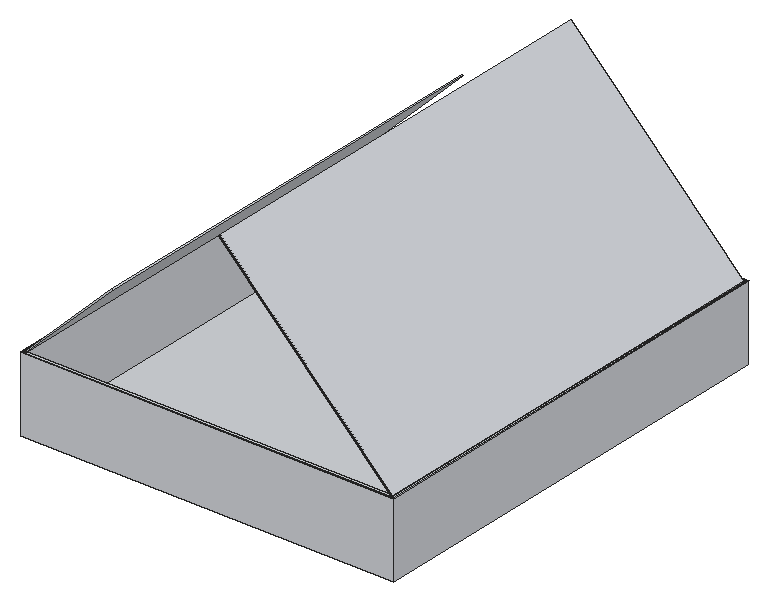
Revit family "Univers-IP44-leer-Unterputz-AT-de", category Electrical Equipment, host Face, Revit 2020
Family settings
  Host = Face
  Panel Configuration = Two Columns, Circuits Across
  Round Connector Dimension = Use Diameter
  Part Type = Panelboard
  Cut with Voids When Loaded = No
  Shared = No
  Room Calculation Point = No
Parameters (values of type "Unterputz IP44 B800 H950 T161 0 Teilungseinheiten - FWB63D")
  Width Control [instance] = if([HG000006 - Unterputz], if([EF000846 - Einbaubreite] > min_whd, [EF000846 - Einbaubreite], min_whd), if([EF000008 - Breite] > min_whd, ([EF000008 - Breite]), min_whd))  # 800 mm
  Void Depth [instance] = if([HG000006 - Unterputz], Depth Control, 1 mm)  # 161 mm
  Type Comments = [HG000003 - Bereich]  # "Univers"
  System Height [instance] = Height Control - 2 * [HG000005 - Dicke]  # 944 mm
  Model = [HG000004 - Herstellerreferenz]  # "FWB63D"
  HG000011 - Leere Reihen von unten = no
  HG000010 - Asymmetrische Türen = yes
  HG000009 - Doppelflügeligen Tür = yes
  HG000008 - Anzahl der leeren Reihen = 0
  HG000007 - Anzahl der leeren Spalten = 0
  HG000006 - Unterputz = yes
  HG000005 - Dicke = 3 mm  # constant formula
  HG000004 - Herstellerreferenz = "FWB63D"
  HG000003 - Bereich = "Univers"
  HG000002 - Mit tür = yes
  HG000001 - Anzahl der Spalten = 0
  EF015941 - Signaldurchlassende Tür = no
  EF015777 - Neutralleiterklemmenblock = no
  EF015776 - Erdungsklemmenblock = no
  EF009212 - Ausführung Deckel = "EV000116 - geschlossen"
  EF006306 - Mit Schloss = no
  EF006244 - Transparenter Deckel/Tür = no
  EF005474 - Schutzart (IP) = "EV006418 - IP44"
  EF004462 - Art der Schließung = "EV000154 - sonstige"
  EF002950 - Breite in Teilungseinheiten = 0
  EF001596 - Werkstoff des Gehäuses = "EV000179 - Stahl"
  EF001134 - DIN-Schiene = no
  EF001131 - Innentiefe = 156 mm
  EF001088 - Anbaumöglichkeit = no
  EF001062 - EMV-Ausführung = no
  EF000846 - Einbaubreite = 800 mm
  EF000339 - Art der Abdeckung = "EV004216 - Tür"
  EF000332 - Einbauhöhe = 950 mm
  EF000266 - Anzahl der Reihen = 0
  EF000218 - Einbautiefe = 161 mm
  EF000118 - Mit Montageplatte = no
  EF000116 - RAL-Nummer = "9010"
  EF000049 - Tiefe = 161 mm
  EF000040 - Höhe = 950 mm
  EF000008 - Breite = 800 mm
  EF000007 - Farbe = "EV000202 - weiß"
  EF000003 - Montageart = "EV001247 - Aufputz/Unterputz"
  Arrow Offset [instance] = Depth Control / 8  # 20.125 mm
  Arrow Height [instance] = Depth Control - Arrow Offset  # 140.875 mm
  Host Offset [instance] = if([HG000006 - Unterputz], 0 mm, [EF000049 - Tiefe])  # 0 mm
  min_whd [instance] = (2 * [HG000005 - Dicke]) + 1 mm  # 7 mm
  Manufacturer = "Hager"  # constant formula
  Height Control [instance] = if([HG000006 - Unterputz], if([EF000332 - Einbauhöhe] > min_whd, [EF000332 - Einbauhöhe], min_whd), if([EF000040 - Höhe] > min_whd, ([EF000040 - Höhe]), min_whd))  # 950 mm
  Flush Mounted - Door Frame Width [instance] = if(([EF000040 - Höhe] - [EF000332 - Einbauhöhe]) > 0 mm, if([HG000006 - Unterputz], [EF000040 - Höhe] - [EF000332 - Einbauhöhe], 0 mm), 0 mm)  # 0 mm
  Tür rechts [instance] = yes
  Tür links [instance] = not(Tür rechts)  # no
  Türschwenkwinkel [instance] = 45.00°
  3D-Türsichtbarkeit [instance] = yes
  Depth Control [instance] = if([HG000006 - Unterputz], if([EF000218 - Einbautiefe] > 0 mm, [EF000218 - Einbautiefe], 1 mm), if([EF000049 - Tiefe] > 0 mm, ([EF000049 - Tiefe]), 1 mm))  # 161 mm
  Default Elevation = 0 mm
  Sichtbarkeit der Türöffnung [instance] = no
Types (21, lengths in mm): name | Width Control | Void Depth | System Height | Model | HG000010 - Asymmetrische Türen | HG000009 - Doppelflügeligen Tür | HG000004 - Herstellerreferenz | EF009212 - Ausführung Deckel | EF004462 - Art der Schließung | EF001131 - Innentiefe | EF000846 - Einbaubreite | EF000332 - Einbauhöhe | EF000218 - Einbautiefe | EF000049 - Tiefe | EF000040 - Höhe | EF000008 - Breite | Arrow Offset | Arrow Height | Height Control | Depth Control
  Unterputz IP44 B1050 H1100 T161 0 Teilungseinheiten - FWB74D | 1050 | 161 | 1094 | "FWB74D" | no | yes | "FWB74D" | "EV000116 - geschlossen" | "EV000154 - sonstige" | 160 | 1050 | 1100 | 161 | 161 | 1100 | 1050 | 20.125 | 140.875 | 1100 | 161
  Unterputz IP44 B1050 H500 T161 0 Teilungseinheiten - FWB34D | 1050 | 161 | 494 | "FWB34D" | no | yes | "FWB34D" | "EV000116 - geschlossen" | "EV000154 - sonstige" | 156 | 1050 | 500 | 161 | 161 | 500 | 1050 | 20.125 | 140.875 | 500 | 161
  Unterputz IP44 B1050 H650 T161 0 Teilungseinheiten - FWB44D | 1050 | 161 | 644 | "FWB44D" | no | yes | "FWB44D" | "EV000116 - geschlossen" | "EV000154 - sonstige" | 156 | 1050 | 650 | 161 | 161 | 650 | 1050 | 20.125 | 140.875 | 650 | 161
  Unterputz IP44 B1050 H800 T161 0 Teilungseinheiten - FWB54D | 1050 | 161 | 794 | "FWB54D" | no | yes | "FWB54D" | "EV000116 - geschlossen" | "EV000154 - sonstige" | 156 | 1050 | 800 | 161 | 161 | 800 | 1050 | 20.125 | 140.875 | 800 | 161
  Unterputz IP44 B1050 H950 T161 0 Teilungseinheiten - FWB64D | 1050 | 161 | 944 | "FWB64D" | no | yes | "FWB64D" | "EV000116 - geschlossen" | "EV000154 - sonstige" | 156 | 1050 | 950 | 161 | 161 | 950 | 1050 | 20.125 | 140.875 | 950 | 161
  Unterputz IP44 B300 H1100 T161 0 Teilungseinheiten - FWB71D | 300 | 161 | 1094 | "FWB71D" | no | no | "FWB71D" | "EV000116 - geschlossen" | "EV000154 - sonstige" | 160 | 300 | 1100 | 161 | 161 | 1100 | 300 | 20.125 | 140.875 | 1100 | 161
  Unterputz IP44 B300 H1250 T160 0 Teilungseinheiten - FWB81D | 300 | 160 | 1244 | "FWB81D" | no | no | "FWB81D" | "EV000116 - geschlossen" | "0" | 160 | 300 | 1250 | 160 | 160 | 1250 | 300 | 20 | 140 | 1250 | 160
  Unterputz IP44 B300 H500 T161 0 Teilungseinheiten - FWB31D | 300 | 161 | 494 | "FWB31D" | no | no | "FWB31D" | "EV000116 - geschlossen" | "EV000154 - sonstige" | 156 | 300 | 500 | 161 | 161 | 500 | 300 | 20.125 | 140.875 | 500 | 161
  Unterputz IP44 B300 H650 T161 0 Teilungseinheiten - FWB41D | 300 | 161 | 644 | "FWB41D" | no | no | "FWB41D" | "EV000116 - geschlossen" | "EV000154 - sonstige" | 160 | 300 | 650 | 161 | 161 | 650 | 300 | 20.125 | 140.875 | 650 | 161
  Unterputz IP44 B300 H800 T161 0 Teilungseinheiten - FWB51D | 300 | 161 | 794 | "FWB51D" | no | no | "FWB51D" | "EV000116 - geschlossen" | "EV000154 - sonstige" | 160 | 300 | 800 | 161 | 161 | 800 | 300 | 20.125 | 140.875 | 800 | 161
  Unterputz IP44 B300 H950 T161 0 Teilungseinheiten - FWB61D | 300 | 161 | 944 | "FWB61D" | no | no | "FWB61D" | "EV000116 - geschlossen" | "EV000154 - sonstige" | 160 | 300 | 950 | 161 | 161 | 950 | 300 | 20.125 | 140.875 | 950 | 161
  Unterputz IP44 B550 H1100 T161 0 Teilungseinheiten - FWB72D | 550 | 161 | 1094 | "FWB72D" | no | no | "FWB72D" | "EV000116 - geschlossen" | "EV000154 - sonstige" | 160 | 550 | 1100 | 161 | 161 | 1100 | 550 | 20.125 | 140.875 | 1100 | 161
  Unterputz IP44 B550 H500 T161 0 Teilungseinheiten - FWB32D | 550 | 161 | 494 | "FWB32D" | no | no | "FWB32D" | "EV000116 - geschlossen" | "EV000154 - sonstige" | 156 | 550 | 500 | 161 | 161 | 500 | 550 | 20.125 | 140.875 | 500 | 161
  Unterputz IP44 B550 H650 T161 0 Teilungseinheiten - FWB42D | 550 | 161 | 644 | "FWB42D" | no | no | "FWB42D" | "EV000116 - geschlossen" | "EV000154 - sonstige" | 160 | 550 | 650 | 161 | 161 | 650 | 550 | 20.125 | 140.875 | 650 | 161
  Unterputz IP44 B550 H800 T161 0 Teilungseinheiten - FWB52D | 550 | 161 | 794 | "FWB52D" | no | no | "FWB52D" | "EV000116 - geschlossen" | "EV000154 - sonstige" | 160 | 550 | 800 | 161 | 161 | 800 | 550 | 20.125 | 140.875 | 800 | 161
  Unterputz IP44 B550 H950 T161 0 Teilungseinheiten - FWB62D | 550 | 161 | 944 | "FWB62D" | no | no | "FWB62D" | "EV000116 - geschlossen" | "EV000154 - sonstige" | 160 | 550 | 950 | 161 | 161 | 950 | 550 | 20.125 | 140.875 | 950 | 161
  Unterputz IP44 B800 H1100 T161 0 Teilungseinheiten - FWB73D | 800 | 161 | 1094 | "FWB73D" | yes | yes | "FWB73D" | "EV000116 - geschlossen" | "EV000154 - sonstige" | 156 | 800 | 1100 | 161 | 161 | 1100 | 800 | 20.125 | 140.875 | 1100 | 161
  Unterputz IP44 B800 H500 T161 0 Teilungseinheiten - FWB33D | 800 | 161 | 494 | "FWB33D" | yes | yes | "FWB33D" | "EV000116 - geschlossen" | "EV000154 - sonstige" | 160 | 800 | 500 | 161 | 161 | 500 | 800 | 20.125 | 140.875 | 500 | 161
  Unterputz IP44 B800 H650 T161 0 Teilungseinheiten - FWB43D | 800 | 161 | 644 | "FWB43D" | yes | yes | "FWB43D" | "EV009916 - mit Ausschnitt" | "EV000154 - sonstige" | 160 | 800 | 650 | 161 | 161 | 650 | 800 | 20.125 | 140.875 | 650 | 161
  Unterputz IP44 B800 H800 T161 0 Teilungseinheiten - FWB53D | 800 | 161 | 794 | "FWB53D" | yes | yes | "FWB53D" | "EV000116 - geschlossen" | "EV000154 - sonstige" | 160 | 800 | 800 | 161 | 161 | 800 | 800 | 20.125 | 140.875 | 800 | 161
  Unterputz IP44 B800 H950 T161 0 Teilungseinheiten - FWB63D | 800 | 161 | 944 | "FWB63D" | yes | yes | "FWB63D" | "EV000116 - geschlossen" | "EV000154 - sonstige" | 156 | 800 | 950 | 161 | 161 | 950 | 800 | 20.125 | 140.875 | 950 | 161
Reference planes
  plane 1 "Center (Front/Back)": y = 0
  plane 2: z = 0
  plane 3 "Center (Left/Right)": x = 0
  plane 4: z = 0
  plane 5: y = 3
  plane 6: z = -5
  plane 7: y = 475
  plane 8: y = 0
  plane 9: y = 950
  plane 10: z = -161
  plane 11: x = -400
  plane 12: x = 400
  plane 13: x = 397
  plane 14: x = -397
  plane 15: y = 947
  plane 16: z = -158
  plane 17: z = -3
  plane 18: z = -161
  plane 19: z = -3
Forms (mm)
  Extrusion 1, solid
    sketch origin (-583.045, 0, 1219.2) x (-1, 0, 0) y (0, 0, 1)
      loop
        line (-183.045, -1219.2) -> (-983.045, -1219.2) -> (-983.045, -1380.2) -> (-183.045, -1380.2) -> (-183.045, -1219.2)
    from 0 to 950 <- "Height Control"
  Extrusion 2, void
    sketch origin (-381.607, -4572, 0) x (0, -1, 0) y (-1, 0, 0)
      loop
        line (-5519, 15.393) -> (-5519, -778.607) -> (-4575, -778.607) -> (-4575, 15.393) -> (-5519, 15.393)
    from 0 to 158
  Extrusion 3, void
    sketch origin (0, 0, 0) x (1, 0, 0) y (0, 1, 0)
      loop
        line (-400, 0) -> (400, 0) -> (400, 950) -> (-400, 950) -> (-400, 0)
    from -161 to 1
  Extrusion 4, solid, detail levels coarse
    sketch origin (-381.607, -4572, 0) x (-1, 0, 0) y (0, -1, 0)
      loop
        line (15.393, -5519) -> (15.393, -4575) -> (-778.607, -4575) -> (-778.607, -5519) -> (15.393, -5519)
    from 0 to -3
Cuts and joins
  Extrusion 2 cuts Extrusion 1
Dimensions and locks
  plane 4 to plane 6 = 5 mm
  "Host Offset": plane 4 to host face
  "Flush Mounted - Door Frame Width": plane 1 "Center (Front/Back)" to plane 8
  "HG000005 - Dicke": plane 5 to plane 8
  locked: connector elem to plane 3 "Center (Left/Right)"
  "Height Control": plane 9 to plane 8
  equal spacing: plane 9, plane 7, plane 8
  locked: connector elem to plane 7
  "Depth Control": plane 4 to plane 10
  "HG000005 - Dicke": plane 11 to plane 14
  "HG000005 - Dicke": plane 12 to plane 13
  equal spacing: plane 11, plane 3 "Center (Left/Right)", plane 12
  "Width Control": plane 11 to plane 12
  "Arrow Offset": nested 4 to plane 10
  "HG000005 - Dicke": plane 9 to plane 15
  "HG000005 - Dicke": plane 16 to plane 10
  "HG000005 - Dicke": plane 4 to plane 17
  "Void Depth": plane 2 to plane 18
  "HG000005 - Dicke": plane 4 to plane 19
  aligned and locked: plane 2 to host face
  aligned and locked: level to host face
  aligned and locked: plane 3 "Center (Left/Right)" to nested 2
  aligned and locked: nested 2 to plane 4
  aligned and locked: nested 2 to plane 8
  aligned and locked: nested 1 to plane 6
  aligned and locked: nested 1 to plane 5
  aligned and locked: nested 4 to plane 11
  aligned and locked: nested 3 to plane 4
  aligned and locked: Extrusion 1 sketch curve to plane 12
  aligned and locked: Extrusion 1 sketch curve to plane 11
  aligned and locked: nested 3 to plane 10
  aligned and locked: plane 10 to Extrusion 1 sketch curve
  aligned and locked: Extrusion 2 sketch curve to plane 5
  aligned and locked: Extrusion 2 sketch curve to plane 15
  aligned and locked: Extrusion 2 sketch curve to plane 14
  aligned and locked: Extrusion 2 sketch curve to plane 13
  aligned and locked: plane 11 to Extrusion 3 sketch curve
  aligned and locked: plane 9 to Extrusion 3 sketch curve
  aligned and locked: Extrusion 3 sketch curve to plane 8
  aligned and locked: plane 12 to Extrusion 3 sketch curve
  aligned and locked: nested 3 to plane 12
  aligned and locked: Extrusion 3 to plane 18
  aligned and locked: Extrusion 2 to plane 16
  aligned and locked: Extrusion 1 sketch curve to plane 4
  aligned and locked: Extrusion 4 to plane 17
  aligned and locked: Extrusion 4 sketch curve to plane 15
  aligned and locked: Extrusion 4 sketch curve to plane 13
  aligned and locked: Extrusion 4 sketch curve to plane 14
  aligned and locked: Extrusion 4 sketch curve to plane 5
Automatic sketch dimensions
  host sketch curve to host sketch curve = 1469.727 mm
  host sketch curve to host sketch curve = 1318.837 mm
Nested families
  nested 1: "Hager_Enclosure_System" at (0, 3, -5) x (1, 0, 0) z (0, 1, 0), Depth <- "HG000005 - Dicke", Height <- "System Height", Width <- "EF000008 - Breite", Border <- "HG000005 - Dicke", Flush_Mounted <- "HG000006 - Unterputz", Built-in_Width <- "EF000846 - Einbaubreite", Row_Module_Multiplicator <- "EF002950 - Breite in Teilungseinheiten", Total_No_Empty_Rows <- "HG000008 - Anzahl der leeren Reihen", Total_No_Rows <- "EF000266 - Anzahl der Reihen", Empty_Columns <- "HG000007 - Anzahl der leeren Spalten", No_Rows <- "EF000266 - Anzahl der Reihen", No_Columns <- "HG000001 - Anzahl der Spalten", Width_Control <- "Width Control", Empty_Rows_From_Bottom <- "HG000011 - Leere Reihen von unten", type "Hager_Enclosure_System", detail levels medium+fine
    with Width_Control 800 mm, Width 800 mm, Total_No_Rows 0, Total_No_Empty_Rows 0, Total_No_Columns 1, System_Width 794 mm, Rows_Column 0, Row_Module_Multiplicator 0, Panel_4 no, Panel_3 no, Panel_2 no, Panel_1 no, No_Rows 0, No_Panels_Ctrl 1, No_Columns 0, Hide_Columns yes, Height 944 mm, Flush_Mounted yes, Empty_Rows_From_Bottom no, Empty_Rows_Column 0, Empty_Columns 0, Depth 3 mm, Column_Width 794 mm, Built-in_Width 800 mm, Border 3 mm
  nested 2: "Hager_Enclosure_Door" at (0, 0, 0) x (1, 0, 0) z (0, 1, 0), Border <- "HG000005 - Dicke", Door_Right <- "Tür rechts", Flush_Mounted <- "HG000006 - Unterputz", Depth <- "EF000049 - Tiefe", Width <- "EF000008 - Breite", Door_Left <- "Tür links", 3d_Door <- "3D-Türsichtbarkeit", BuiltIn_Width <- "EF000846 - Einbaubreite", BuiltIn_Height <- "EF000332 - Einbauhöhe", BuiltIn_Depth <- "EF000218 - Einbautiefe", Angle <- "Türschwenkwinkel", Assymetrical <- "HG000010 - Asymmetrische Türen", Double <- "HG000009 - Doppelflügeligen Tür", Clearance <- "Sichtbarkeit der Türöffnung", Transparent <- "EF006244 - Transparenter Deckel/Tür", Door <- "HG000002 - Mit tür", Height_Ctrl <- "Height Control", Width_Ctrl <- "Width Control", Height <- "EF000040 - Höhe", type "Hager_Enclosure_Door", detail levels medium+fine
    with min_wh 7 mm, Width_Ctrl 800 mm, Width 800 mm, Transparent no, Leaf_Width 791 mm, Leaf_Tolerance 1.5 mm, Leaf_Height 941 mm, Leaf_2_Width 526.583 mm, Leaf_2_Offset 263.292 mm, Leaf_1_Width 262.917 mm, Leaf_1_Offset 131.458 mm, Height_Ctrl 950 mm, Height 950 mm, Frame_Width_Ctrl 1 mm, Frame_Width 0 mm, Frame_Internal_Offset 3 mm, Frame_Height_Ctrl 1 mm, Frame_Height 0 mm, Frame_Depth_Ctrl 1 mm, Frame_Depth 0 mm, Flush_Mounted yes, Double_Clearance_Ctrl no, Double yes, Door_Right_Ctrl yes, Door_Right yes, Door_Left_Ctrl yes, Door_Left no, Door yes, Depth 161 mm, Clearance_Depth 526.583 mm, Clearance_Ctrl no, Clearance no, BuiltIn_Width 800 mm, BuiltIn_Height 950 mm, BuiltIn_Depth 161 mm, Border 3 mm, Assymetrical yes, Angle 45.00°, 3d_Door yes
  nested 3: "Hager_Enclosure_Symbol_Triangle" at (-400, 0, -161) x (1, 0, 0) z (0, -1, 0), Depth <- "Depth Control", Width <- "Width Control", type "Hager_Enclosure_Symbol_Triangle"
    with Width_Ctrl 800 mm, Width 800 mm, Depth_Ctrl 161 mm, Depth 161 mm
  nested 4: "Hager_Enclosure_Symbol_Arrow" at (-400, 0, -140.875) x (1, 0, 0) z (0, -1, 0), Height <- "Arrow Height", type "Hager_Enclosure_Symbol_Arrow"
    with Width_Inside 10.566 mm, Width 126.788 mm, Height_Ctrl 140.875 mm, Height 140.875 mm
Connectors
  electrical at (0, 475, -161)
    settings: on plane 10, index 1, voltage 0 V, apparent load 0 VA, apparent load phase1 0 VA, apparent load phase2 0 VA, apparent load phase3 0 VA, power factor 1, load classification "Other", number of poles 1, system type 30, power factor state 1, is connector primary yes, connector utility no, sub classification motor no, connector description ""
Definition of nested family "Hager_Enclosure_Door"
  Parameters (values of type "Hager_Enclosure_Door")
    min_wh [instance] = (2 * Border) + 1 mm  # 11 mm
    Width_Ctrl [instance] = 400 mm
    Width [instance] = 500 mm
    Transparent [instance] = yes
    Leaf_Width [instance] = if((Width_Ctrl - 2 * Border - 2 * Leaf_Tolerance) > 0 mm, (Width_Ctrl - 2 * Border - 2 * Leaf_Tolerance), min_wh)  # 387 mm
    Leaf_Tolerance [instance] = 1.5 mm  # constant formula
    Leaf_Height [instance] = if((Height_Ctrl - 2 * Border - 2 * Leaf_Tolerance) > 0 mm, (Height_Ctrl - 2 * Border - 2 * Leaf_Tolerance), min_wh)  # 387 mm
    Leaf_2_Width [instance] = if(and(and(Double, Assymetrical), Door_Left), (Leaf_Width / 3) - (Leaf_Tolerance / 2), if(and(and(Double, Assymetrical), Door_Right), (Leaf_Width / 3) * 2 - (Leaf_Tolerance / 2), if(and(Double, not(Assymetrical)), (Leaf_Width / 2) - Leaf_Tolerance, Leaf_Width)))  # 192 mm
    Leaf_2_Offset [instance] = if(and(Double, Assymetrical), Leaf_2_Width / 2, if(and(Double, not(Assymetrical)), Leaf_Width / 4, Leaf_Width / 2))  # 96.75 mm
    Leaf_1_Width [instance] = if(and(and(Double, Assymetrical), Door_Right), (Leaf_Width / 3) - (Leaf_Tolerance / 2), if(and(and(Double, Assymetrical), Door_Left), (Width / 3) * 2 - (Leaf_Tolerance / 2), if(and(Double, not(Assymetrical)), (Leaf_Width / 2) - Leaf_Tolerance, Leaf_Width)))  # 192 mm
    Leaf_1_Offset [instance] = if(and(Double, Assymetrical), Leaf_1_Width / 2, if(and(Double, not(Assymetrical)), Leaf_Width / 4, Leaf_Width / 2))  # 96.75 mm
    Height_Ctrl [instance] = 400 mm
    Height [instance] = 500 mm
    Frame_Width_Ctrl [instance] = if(Frame_Width > 0 mm, Frame_Width, 1 mm)  # 1 mm
    Frame_Width [instance] = Width - BuiltIn_Width  # 0 mm
    Frame_Internal_Offset [instance] = if(Flush_Mounted, Border, 0 mm)  # 0 mm
    Frame_Height_Ctrl [instance] = if(Frame_Height > 0 mm, Frame_Height, 1 mm)  # 1 mm
    Frame_Height [instance] = Height - BuiltIn_Height  # 0 mm
    Frame_Depth_Ctrl [instance] = if(Frame_Depth > 0 mm, Frame_Depth, 1 mm)  # 1 mm
    Frame_Depth [instance] = if(Depth - BuiltIn_Depth > 0 mm, if(Flush_Mounted, Depth - BuiltIn_Depth, 0 mm), 0 mm)  # 0 mm
    Flush_Mounted [instance] = no
    Double_Clearance_Ctrl [instance] = and(Double, Clearance)  # yes
    Double [instance] = yes
    Door_Right_Ctrl [instance] = and(or(Door_Right, Double), Door)  # yes
    Door_Right [instance] = yes
    Door_Left_Ctrl [instance] = and(or(Door_Left, Double), Door)  # yes
    Door_Left [instance] = no
    Door [instance] = yes
    Depth [instance] = 500 mm
    Default Elevation = 1219.2 mm
    Clearance_Material = none
    Clearance_Depth [instance] = if(Leaf_1_Width > Leaf_2_Width, Leaf_1_Width, Leaf_2_Width)  # 192 mm
    Clearance_Ctrl [instance] = and(not(Double), Clearance)  # no
    Clearance [instance] = yes
    BuiltIn_Width [instance] = 500 mm
    BuiltIn_Height [instance] = 500 mm
    BuiltIn_Depth [instance] = 500 mm
    Border [instance] = 5 mm
    Assymetrical [instance] = no
    Angle [instance] = 65.00°
    3d_Door [instance] = yes
  Reference planes
    plane 1 "Center (Front/Back)": y = 0
    plane 2 "Bottom": z = 0
    plane 3 "Center (Left/Right)": x = 0
    plane 4: z = 400
    plane 5: x = -200
    plane 6: x = 200
    plane 7: z = 395
    plane 8: x = -195
    plane 9: z = 5
    plane 10: x = 195
    plane 11: y = 0
    plane 12: z = 6.5
    plane 13: x = -387
    plane 14: y = -192
    plane 15: x = 387
    plane 16: x = -96.75
    plane 17: x = 96.75
    plane 18: x = -193.5
    plane 19: x = 193.5
    plane 20: z = 393.5
  Forms (mm)
    Extrusion 1, solid, visible <- "Flush_Mounted"
      sketch origin (0, 0, 0) x (1, 0, 0) y (0, 0, 1)
        loop
          line (200, 0) -> (200, 400) -> (-200, 400) -> (-200, 0) -> (200, 0)
        loop
          line (-201, 401) -> (-201, -1) -> (201, -1) -> (201, 401) -> (-201, 401)
      from 0 to 1 <- "Frame_Depth_Ctrl"
    Extrusion 2, solid, material <- "Clearance_Material", visible <- "Double_Clearance_Ctrl"
      sketch origin (1200, 0, 0) x (1, 0, 0) y (0, 0, -1)
        loop
          line (-1587, -393.5) -> (-813, -393.5) -> (-813, 0) -> (-1587, 0) -> (-1587, -393.5)
      from 0 to -192
  Dimensions and locks
    equal spacing: plane 5, plane 3 "Center (Left/Right)", plane 6
    "Width_Ctrl": plane 5 to plane 6
    "Border": plane 5 to plane 8
    "Border": plane 6 to plane 10
    "Border": plane 9 to level
    "Border": plane 4 to plane 7
    "Height_Ctrl": plane 4 to level
    "Leaf_Tolerance": plane 12 to plane 9
    "Frame_Depth": plane 11 to plane 1 "Center (Front/Back)"
    "Frame_Width_Ctrl": plane 5 to Extrusion 1 sketch curve
    "Frame_Width_Ctrl": plane 6 to Extrusion 1 sketch curve
    "Frame_Width_Ctrl": Extrusion 1 sketch curve to plane 4
    "Frame_Width_Ctrl": plane 2 "Bottom" to Extrusion 1 sketch curve
    "Leaf_1_Offset": plane 18 to plane 16
    "Leaf_2_Offset": plane 17 to plane 19
    "Leaf_1_Width": plane 13 to plane 8
    "Leaf_2_Width": plane 10 to plane 15
    "Clearance_Depth": plane 14 to plane 1 "Center (Front/Back)"
    "Leaf_Tolerance": plane 8 to plane 18
    "Leaf_Tolerance": plane 19 to plane 10
    "Leaf_Tolerance": plane 7 to plane 20
    "Frame_Internal_Offset": plane 5 to Extrusion 1 sketch curve
    "Frame_Internal_Offset": Extrusion 1 sketch curve to plane 2 "Bottom"
    "Frame_Internal_Offset": plane 6 to Extrusion 1 sketch curve
    "Frame_Internal_Offset": plane 4 to Extrusion 1 sketch curve
    aligned and locked: level to plane 2 "Bottom"
    aligned and locked: nested 1 to plane 16
    aligned and locked: nested 2 to plane 17
    aligned and locked: Extrusion 2 to plane 13
    aligned and locked: plane 15 to Extrusion 2
    aligned and locked: Extrusion 2 to plane 14
    aligned and locked: plane 12 to nested 1
    aligned and locked: nested 2 to plane 12
    aligned and locked: Extrusion 2 to plane 11
    aligned and locked: plane 20 to Extrusion 2
    aligned and locked: nested 2 to plane 11
    aligned and locked: nested 1 to plane 11
  Automatic sketch dimensions
    Extrusion 2 sketch curve to level = 0 mm
    plane 5 to Extrusion 2 sketch curve = 187 mm
    plane 6 to Extrusion 2 sketch curve = 187 mm
    Extrusion 2 sketch curve to plane 4 = 6.5 mm
  Nested families
    nested 1: "Hager_Enclosure_Door_Leaf" at (-96.75, 0, 6.5), Width <- "Leaf_1_Width", visible <- "Door_Left_Ctrl", Leaf_Height <- "Leaf_Height", Angle <- "Angle", Depth <- "Border", 3d_Door <- "3d_Door", Transparent <- "Transparent", Clearance Material <- "Clearance_Material", Clearance <- "Clearance_Ctrl", type "Hager_Enclosure_Door_Leaf"
      with Width 192 mm, Transparent_Door_Border 25 mm, Transparent_Ctrl yes, Transparent yes, Standard no, Leaf_Height 387 mm, Glass_Offset 1 mm, Depth 5 mm, Clearance Material none, Clearance no, Angle_Ctrl 65.00°, Angle 65.00°, 3d_Door yes
    nested 2: "Hager_Enclosure_Door_Leaf" at (96.75, 0, 6.5) x (-1, 0, 0) z (0, 0, 1), Width <- "Leaf_2_Width", visible <- "Door_Right_Ctrl", Leaf_Height <- "Leaf_Height", Angle <- "Angle", Depth <- "Border", 3d_Door <- "3d_Door", Transparent <- "Transparent", Clearance Material <- "Clearance_Material", Clearance <- "Clearance_Ctrl", type "Hager_Enclosure_Door_Leaf"
      with Width 192 mm, Transparent_Door_Border 25 mm, Transparent_Ctrl yes, Transparent yes, Standard no, Leaf_Height 387 mm, Glass_Offset 1 mm, Depth 5 mm, Clearance Material none, Clearance no, Angle_Ctrl 65.00°, Angle 65.00°, 3d_Door yes
  Definition of nested family "Hager_Enclosure_Door_Leaf"
    Parameters (values of type "Hager_Enclosure_Door_Leaf")
      Width [instance] = 200 mm
      Transparent_Door_Border [instance] = 25 mm  # constant formula
      Transparent_Ctrl [instance] = and(Transparent, [3d_Door])  # yes
      Transparent [instance] = yes
      Standard [instance] = and(not(Transparent), [3d_Door])  # no
      Leaf_Height [instance] = 500 mm
      Glass_Offset [instance] = if((Depth - 10 mm) / 2 > 0 mm, (Depth - 10 mm) / 2, 1 mm)  # 1 mm
      Glass_Material = none
      Depth [instance] = 3 mm
      Default Elevation = 0 mm
      Clearance Material [instance] = none
      Clearance [instance] = no
      Angle_Ctrl [instance] = if(Angle > 170.00°, 170.00°, Angle)  # 163.00°
      Angle [instance] = 163.00°
      3d_Door [instance] = yes
    Reference planes
      plane 1 "Center (Front/Back)": y = 0
      plane 2: z = 0
      plane 3 "Center (Left/Right)": x = 0
      plane 4: y = 200
      plane 5: x = -100
      plane 6: x = 100
      plane 7: x = -300
      plane 8: z = 500
      plane 9: z = 25
      plane 10: z = 475
      plane 11: x = 75
      plane 12: x = -75
    Forms (mm)
      Extrusion 1, solid, material <- "Clearance Material", visible <- "Clearance"
        sketch origin (0, 0, 0) x (1, 0, 0) y (0, 0, 1)
          loop
            line (-300, 500) -> (-300, 0) -> (100, 0) -> (100, 500) -> (-300, 500)
        from 0 to -200
      Extrusion 2, solid, visible <- "Standard", detail levels fine
        sketch origin (-100, 0, 0) x (-0.956305, 0.292372, 0) y (-0.292372, -0.956305, 0)
          loop
            line (0, -3) -> (200, -3) -> (200, 0) -> (0, 0) -> (0, -3)
        from 0 to 500 <- "Leaf_Height"
      Extrusion 3, solid, visible <- "Transparent_Ctrl", detail levels fine
        sketch origin (-100, 0, 0) x (-0.956305, 0.292372, 0) y (-0.292372, -0.956305, 0)
          loop
            line (0, -3) -> (200, -3) -> (200, 0) -> (0, 0) -> (0, -3)
        from 0 to 500 <- "Leaf_Height"
      Extrusion 4, void, detail levels fine
        sketch origin (-100, 0, 0) x (-0.292372, -0.956305, 0) y (-0.956305, 0.292372, 0)
          loop
            line (0, 25) -> (0, 175) -> (-3, 175) -> (-3, 25) -> (0, 25)
        from -475 to -25
      Extrusion 5, solid, material <- "Glass_Material", visible <- "Transparent_Ctrl", detail levels fine
        sketch origin (-100, 0, 0) x (-0.956305, 0.292372, 0) y (-0.292372, -0.956305, 0)
          loop
            line (25, -1) -> (25, -2) -> (175, -2) -> (175, -1) -> (25, -1)
        from 25 to 475
    Cuts and joins
      Extrusion 4 cuts Extrusion 3
    Lines and regions (mm)
      symbolic lines
        curve 1: line (100, 0, 0) -> (-300, 0, 0)
        curve 2: arc (100, 0, 0) -> (-100, 200, 0) -> (-300, 0, 0) r 200
        curve 4: line (-100, 0, 0) -> (-291.261, 58.474, 0)
      reference lines
        curve 3: line (-100, 0, 0) -> (-291.261, 58.474, 0)
      symbolic lines, detail levels medium+fine
        curve 5: line (-291.261, 58.474, 0) -> (-290.384, 61.343, 0)
        curve 6: line (-290.384, 61.343, 0) -> (-99.123, 2.869, 0)
        curve 7: line (-99.123, 2.869, 0) -> (-100, 0, 0)
      symbolic lines, detail levels fine
        curve 8: line (-100, 0, 500) -> (100, 0, 500)
        curve 9: line (-100, 0, 0) -> (-100, 0, 500)
        curve 10: line (100, 0, 0) -> (-100, 0, 0)
        curve 11: line (100, 0, 500) -> (100, 0, 0)
      symbolic lines, visible <- "Transparent_Ctrl", detail levels fine
        curve 12: line (-75, 0, 475) -> (75, 0, 475)
        curve 13: line (-75, 0, 25) -> (-75, 0, 475)
        curve 14: line (75, 0, 25) -> (-75, 0, 25)
        curve 15: line (75, 0, 475) -> (75, 0, 25)
    Dimensions and locks
      "Width": plane 1 "Center (Front/Back)" to plane 4
      equal spacing: plane 5, plane 3 "Center (Left/Right)", plane 6
      "Width": plane 5 to plane 6
      "Width": plane 7 to plane 5
      "Leaf_Height": plane 8 to level
      "Depth": curve 6 to curve 3
      "Width": curve 5 to curve 3
      "Width": curve 3 to curve 3
      "Transparent_Door_Border": Extrusion 4 sketch curve to curve 7
      "Transparent_Door_Border": Extrusion 4 sketch curve to curve 5
      "Transparent_Door_Border": plane 8 to plane 10
      "Transparent_Door_Border": plane 9 to level
      "Glass_Offset": Extrusion 5 sketch curve to curve 4
      "Glass_Offset": Extrusion 5 sketch curve to curve 6
      "Transparent_Door_Border": Extrusion 5 sketch curve to curve 5
      "Transparent_Door_Border": Extrusion 5 sketch curve to curve 7
      "Transparent_Door_Border": plane 12 to plane 5
      "Transparent_Door_Border": plane 6 to plane 11
      "Angle_Ctrl": angle plane 1 "Center (Front/Back)" to curve 3
      aligned and locked: level to plane 2
      aligned and locked: Extrusion 1 to curve 1
      aligned and locked: plane 6 to Extrusion 1
      aligned and locked: plane 1 "Center (Front/Back)" to Extrusion 1
      aligned and locked: plane 4 to Extrusion 1
      aligned and locked: plane 8 to Extrusion 1
      aligned and locked: curve 4 to curve 3
      aligned and locked: Extrusion 2 sketch curve to curve 7
      aligned and locked: Extrusion 2 sketch curve to curve 6
      aligned and locked: Extrusion 2 sketch curve to curve 5
      aligned and locked: Extrusion 2 sketch curve to curve 3
      aligned and locked: curve 7 to Extrusion 3 sketch curve
      aligned and locked: Extrusion 3 sketch curve to curve 4
      aligned and locked: Extrusion 3 sketch curve to curve 6
      aligned and locked: Extrusion 3 sketch curve to curve 5
      aligned and locked: curve 4 to Extrusion 4 sketch curve
      aligned and locked: curve 6 to Extrusion 4 sketch curve
      aligned and locked: Extrusion 4 to plane 9
      aligned and locked: Extrusion 4 to plane 10
      aligned and locked: Extrusion 5 to plane 9
      aligned and locked: Extrusion 5 to plane 10
      aligned and locked: curve 8 to plane 8
      aligned and locked: plane 5 to curve 9
      aligned and locked: plane 2 to curve 10
      aligned and locked: curve 11 to plane 6
      aligned and locked: plane 10 to curve 12
      aligned and locked: plane 12 to curve 13
      aligned and locked: plane 9 to curve 14
      aligned and locked: plane 11 to curve 15
    Automatic sketch dimensions
      plane 1 "Center (Front/Back)" to curve 2 = 0 mm
      curve 2 to plane 5 = 0 mm
      Extrusion 1 sketch curve to level = 0 mm
      Extrusion 1 sketch curve to plane 7 = 0 mm
      Extrusion 1 sketch curve to plane 6 = 0 mm
      Extrusion 1 sketch curve to plane 8 = 0 mm
      plane 1 "Center (Front/Back)" to curve 3 = 0 mm
      curve 3 to plane 5 = 0 mm
      curve 7 to curve 3 = 0 mm
Definition of nested family "Hager_Enclosure_Symbol_Triangle"
  Parameters (values of type "Hager_Enclosure_Symbol_Triangle")
    Width_Ctrl [instance] = if(Width > 1 mm, Width, 1 mm)  # 498 mm
    Width [instance] = 498 mm
    Depth_Ctrl [instance] = if(Depth > 1 mm, Depth, 1 mm)  # 72 mm
    Depth [instance] = 72 mm
  Reference planes
    plane 1 "Centre (avant/arrière)": y = 0
    plane 2: z = 0
    plane 3 "Centre (gauche/droite)": x = 0
  Lines and regions (mm)
    Filled region 1, type "Solid_Black", in view "Niveau de réf."
      outline origin (0, 0, 0) x (1, 0, 0) y (0, 1, 0)
        loop
          line (0, 0) -> (498, 0) -> (498, 72) -> (0, 0)
    reference lines, in view "Niveau de réf."
      curve 1: line (-206.153, 72, 0) -> (1083.258, 72, 0)
      curve 2: line (498, 405.456, 0) -> (498, -517.619, 0)
  Dimensions and locks
    "Depth_Ctrl": plane 1 "Centre (avant/arrière)" to curve 1
    "Width_Ctrl": plane 3 "Centre (gauche/droite)" to curve 2
    aligned and locked: curve 1 to Filled region 1 sketch curve
    aligned and locked: Filled region 1 sketch curve to plane 1 "Centre (avant/arrière)"
    aligned and locked: curve 2 to Filled region 1 sketch curve
    aligned and locked: plane 3 "Centre (gauche/droite)" to Filled region 1 sketch curve
    aligned and locked: plane 1 "Centre (avant/arrière)" to Filled region 1 sketch curve
  Automatic sketch dimensions
    curve 1 to plane 3 "Centre (gauche/droite)" = 206.153 mm
    curve 2 to curve 1 = 585.258 mm
    plane 1 "Centre (avant/arrière)" to curve 2 = 517.619 mm
    curve 2 to plane 1 "Centre (avant/arrière)" = 405.456 mm
Definition of nested family "Hager_Enclosure_Symbol_Arrow"
  Parameters (values of type "Hager_Enclosure_Symbol_Arrow")
    Width_Inside [instance] = if(Width / 12 > 2 mm, Width / 12, 2 mm)  # 4.987 mm
    Width [instance] = if(Height_Ctrl * 0.9 > 2 mm, Height_Ctrl * 0.9, 2 mm)  # 59.85 mm
    Height_Ctrl [instance] = if(Height > 2 mm, Height, 2 mm)  # 66.5 mm
    Height [instance] = 66.5 mm
  Reference planes
    plane 1 "Centre (avant/arrière)": y = 0
    plane 2: z = 0
    plane 3 "Centre (gauche/droite)": x = 0
    plane 4: x = 59.85
    plane 5: y = 28.263
    plane 6: y = 38.238
    plane 7: y = 66.5
    plane 8: x = 29.925
    plane 9: y = 33.25
  Lines and regions (mm)
    Filled region 1, type "Solid_Black", in view "Niveau de réf."
      outline origin (0, 0, 0) x (1, 0, 0) y (0, 1, 0)
        loop
          line (59.85, 66.5) -> (37.929, 52.827) -> (51.846, 41.935) -> (59.85, 66.5)
    detail lines, in view "Niveau de réf."
      curve 1: line (0, 0, 0) -> (29.925, 38.238, 0)
      curve 2: line (29.925, 38.238, 0) -> (29.925, 28.263, 0)
      curve 3: line (29.925, 28.263, 0) -> (59.85, 66.5, 0)
  Dimensions and locks
    "Width": plane 3 "Centre (gauche/droite)" to plane 4
    "Height_Ctrl": plane 7 to plane 1 "Centre (avant/arrière)"
    equal spacing: plane 3 "Centre (gauche/droite)", plane 8, plane 4
    equal spacing: plane 7, plane 9, plane 1 "Centre (avant/arrière)"
    equal spacing: plane 6, plane 9, plane 5
    "Width_Inside": plane 6 to plane 9
    equal spacing: curve 3, Filled region 1 sketch curve, Filled region 1 sketch curve
    angle Filled region 1 sketch curve to curve 3 = 20.00°
    angle curve 3 to Filled region 1 sketch curve = 20.00°
    locked: curve 3 to Filled region 1 sketch curve (angle 90.00°)
  Automatic sketch dimensions
    plane 1 "Centre (avant/arrière)" to curve 1 = 0 mm
    curve 1 to plane 3 "Centre (gauche/droite)" = 0 mm
    curve 2 to plane 6 = 0 mm
    curve 3 to plane 8 = 0 mm
    curve 3 to plane 4 = 0 mm
    curve 2 to plane 5 = 0 mm
    curve 3 to plane 7 = 0 mm
    Filled region 1 sketch curve to plane 4 = 0 mm
    Filled region 1 sketch curve to plane 7 = 0 mm
